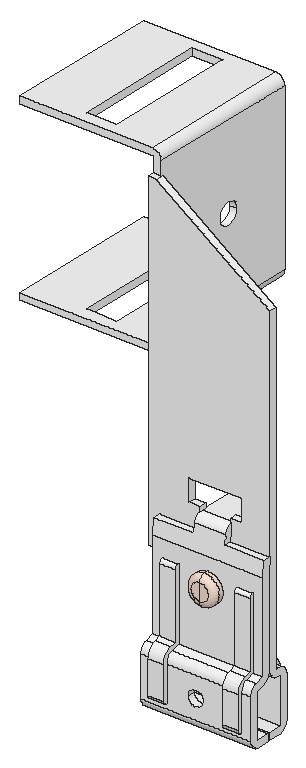
Revit family "cthanger_h58_left", category 機械設備, Revit 2022
Family settings
  丸型コネクタ寸法 = 直径を使用
  種別 = なし
  パーツ タイプ = 標準
  作業面ベース = いいえ
  常に垂直 = はい
  ロード時にボイドで切り取り = いいえ
  注釈の向きを維持 = いいえ
  共有 = いいえ
  部屋計算ポイント = いいえ
Parameters
  製造元 = "株式会社桐井製作所"
  既定の高さ = 0 mm
  URL = "https://www.kirii.co.jp/"
  K_材質 = "溶融亜鉛めっき鋼板及び鋼帯 SGCC 一般用"
  K_品名 = "CTハンガーH＝58アキ左"
  K_名称 = "CTハンガー"
  K_入数 = "120"
  K_備考 = "対象Tバー：eT4025、eAT4025"
  K_バージョン情報 = "20220915"
  K_めっき付着量 = "Z12"
  K_JIS規格 = "JIS G 3302"
Reference planes
  plane 1 "中心(正面/背面)": y = 0
  plane 2: z = 0
  plane 3 "中心(左/右)": x = 0
Forms (mm)
  Extrusion 1, void
    sketch origin (0, -1.2, 0) x (-1, 0, 0) y (0, 0, 1)
      loop
        line (-6, 31.356) -> (-6, 26.343) -> (-3.5, 26.343) -> (-3.5, 21.356) -> (3.5, 21.356) -> (3.5, 26.343) -> (6, 26.343) -> (6, 31.356) -> (-6, 31.356)
    from 1.2 to 2.8
  Extrusion 2, void
    sketch origin (0, 0.4, 0) x (1, 0, 0) y (0, 0, 1)
      loop
        line (-13.5, 14.356) -> (-15.1, 14.356) -> (-15.1, -15.644) -> (-12.5, -15.644) -> (-12.5, 13.356)
        arc (-12.5, 13.356) -> (-12.793, 14.063) -> (-13.5, 14.356) r 1
    from -4.2 to 5.8
  Extrusion 3, solid, material "05吊り材"
    sketch origin (0, 1.2, 0) x (0, 1, 0) y (0, 0, -1)
      loop
        line (1.8, 3.544) -> (0.8, 3.544)
        arc (0.8, 3.544) -> (-0.614, 2.958) -> (-1.2, 1.544) r 2
        line (-1.2, 1.544) -> (-1.2, -89.483) -> (0.4, -89.483) -> (0.4, -11.856) -> (0.4, 1.944) -> (1.4, 1.944)
        arc (1.4, 1.944) -> (2.814, 2.53) -> (3.4, 3.944) r 2
        line (3.4, 3.944) -> (3.4, 13.644)
        arc (3.4, 13.644) -> (2.814, 15.058) -> (1.4, 15.644) r 2
        line (1.4, 15.644) -> (-1.2, 15.644) -> (-1.2, 14.044) -> (1.8, 14.044) -> (1.8, 3.544)
    from -12.5 to 15.1
  Extrusion 4, solid, material "05吊り材"
    sketch origin (16, 1.2, 0) x (0, 1, 0) y (0, 0, -1)
      loop
        line (1.3, -12.456) -> (1.3, 1.087) -> (2.095, 1.087)
        arc (2.095, 1.087) -> (3.685, 2.14) -> (4.3, 3.944) r 2.953
        line (4.3, 3.944) -> (4.3, 11.744)
        arc (4.3, 11.744) -> (4.036, 12.38) -> (3.4, 12.644) r 0.9
        line (3.4, 12.644) -> (3.4, 3.944)
        arc (3.4, 3.944) -> (2.814, 2.53) -> (1.4, 1.944) r 2
        line (1.4, 1.944) -> (0.4, 1.944) -> (0.4, -13.356)
        arc (0.4, -13.356) -> (1.036, -13.093) -> (1.3, -12.456) r 0.9
      loop
        line (-4, 1.245) -> (-4, -13.556)
        arc (-4, -13.556) -> (-3.766, -14.122) -> (-3.2, -14.356) r 0.8
        line (-3.2, -14.356) -> (-3.2, 1.844) -> (-5.093, 2.4)
        arc (-5.093, 2.4) -> (-6.181, 3.157) -> (-6.6, 4.415) r 2.1
        line (-6.6, 4.415) -> (-6.6, 12.644)
        arc (-6.6, 12.644) -> (-7.166, 12.409) -> (-7.4, 11.844) r 0.8
        line (-7.4, 11.844) -> (-7.4, 4.415)
        arc (-7.4, 4.415) -> (-6.822, 2.678) -> (-5.318, 1.633) r 2.9
        line (-5.318, 1.633) -> (-4, 1.245)
    from 5.75 to 9.25
  Extrusion 5, void
    sketch origin (0, -42.1, 50.967) x (1, 0, 0) y (0, 0, -1)
      loop
        line (-3.5, 25.623) -> (-3.5, 29.342) -> (-12.5, 29.342) -> (-12.5, 25.623) -> (-3.5, 25.623)
      loop
        line (12.5, 25.623) -> (12.5, 29.342) -> (3.5, 29.342) -> (3.5, 25.623) -> (12.5, 25.623)
    from 40.1 to 51.2
  Extrusion 6, solid, material "05吊り材"
    sketch origin (0, 1.2, 0) x (0, 1, 0) y (0, 0, -1)
      loop
        line (-5, 4.041) -> (-5, 14.044) -> (-2, 14.044) -> (-2, 15.644) -> (-4.5, 15.644)
        arc (-4.5, 15.644) -> (-5.985, 15.029) -> (-6.6, 13.544) r 2.1
        line (-6.6, 13.544) -> (-6.6, 4.415)
        arc (-6.6, 4.415) -> (-6.181, 3.157) -> (-5.093, 2.4) r 2.1
        line (-5.093, 2.4) -> (-3.2, 1.844) -> (-3.2, -18.356) -> (-2.659, -23.655)
        arc (-2.659, -23.655) -> (-1.932, -24.867) -> (-0.6, -25.343) r 2.1
        line (-0.6, -25.343) -> (7.9, -25.343) -> (7.9, -23.756) -> (-0.6, -23.756)
        arc (-0.6, -23.756) -> (-0.954, -23.61) -> (-1.1, -23.256) r 0.5
        line (-1.1, -23.256) -> (-1.6, -18.356) -> (-1.6, 1.47)
        arc (-1.6, 1.47) -> (-2.019, 2.728) -> (-3.107, 3.484) r 2.1
        line (-3.107, 3.484) -> (-5, 4.041)
    from -12.5 to 12.5
  Extrusion 7, solid, material "05吊り材"
    sketch origin (-1, 1.2, 0) x (0, 1, 0) y (0, 0, -1)
      loop
        line (1.3, -12.456) -> (1.3, 1.087) -> (2.095, 1.087)
        arc (2.095, 1.087) -> (3.685, 2.14) -> (4.3, 3.944) r 2.953
        line (4.3, 3.944) -> (4.3, 11.744)
        arc (4.3, 11.744) -> (4.036, 12.38) -> (3.4, 12.644) r 0.9
        line (3.4, 12.644) -> (3.4, 3.944)
        arc (3.4, 3.944) -> (2.814, 2.53) -> (1.4, 1.944) r 2
        line (1.4, 1.944) -> (0.4, 1.944) -> (0.4, -13.356)
        arc (0.4, -13.356) -> (1.036, -13.093) -> (1.3, -12.456) r 0.9
      loop
        line (-4, 1.245) -> (-4, -13.556)
        arc (-4, -13.556) -> (-3.766, -14.122) -> (-3.2, -14.356) r 0.8
        line (-3.2, -14.356) -> (-3.2, 1.844) -> (-5.093, 2.4)
        arc (-5.093, 2.4) -> (-6.181, 3.157) -> (-6.6, 4.415) r 2.1
        line (-6.6, 4.415) -> (-6.6, 12.644)
        arc (-6.6, 12.644) -> (-7.166, 12.409) -> (-7.4, 11.844) r 0.8
        line (-7.4, 11.844) -> (-7.4, 4.415)
        arc (-7.4, 4.415) -> (-6.822, 2.678) -> (-5.318, 1.633) r 2.9
        line (-5.318, 1.633) -> (-4, 1.245)
    from 5.75 to 9.25
  Extrusion 8, solid, material "05吊り材"
    sketch origin (16, 1.2, 0) x (0, 1, 0) y (0, 0, -1)
      loop
        line (1.3, -12.456) -> (1.3, 1.087) -> (2.095, 1.087)
        arc (2.095, 1.087) -> (3.685, 2.14) -> (4.3, 3.944) r 2.953
        line (4.3, 3.944) -> (4.3, 11.744)
        arc (4.3, 11.744) -> (4.036, 12.38) -> (3.4, 12.644) r 0.9
        line (3.4, 12.644) -> (3.4, 3.944)
        arc (3.4, 3.944) -> (2.814, 2.53) -> (1.4, 1.944) r 2
        line (1.4, 1.944) -> (0.4, 1.944) -> (0.4, -13.356)
        arc (0.4, -13.356) -> (1.036, -13.093) -> (1.3, -12.456) r 0.9
      loop
        line (-4, 1.245) -> (-4, -13.556)
        arc (-4, -13.556) -> (-3.766, -14.122) -> (-3.2, -14.356) r 0.8
        line (-3.2, -14.356) -> (-3.2, 1.844) -> (-5.093, 2.4)
        arc (-5.093, 2.4) -> (-6.181, 3.157) -> (-6.6, 4.415) r 2.1
        line (-6.6, 4.415) -> (-6.6, 12.644)
        arc (-6.6, 12.644) -> (-7.166, 12.409) -> (-7.4, 11.844) r 0.8
        line (-7.4, 11.844) -> (-7.4, 4.415)
        arc (-7.4, 4.415) -> (-6.822, 2.678) -> (-5.318, 1.633) r 2.9
        line (-5.318, 1.633) -> (-4, 1.245)
    from 5.75 to 9.25
  Extrusion 9, void
    sketch origin (0.011, -1.2, 5.294) x (-1, 0, 0) y (0, 0, 1)
      loop
        circle (0.019, 6.684) r 2.5
    from -0.8 to 2.8
  Extrusion 10, solid, material "アルミニウム"
    sketch origin (0, 1.2, 5.534) x (-1, 0, 0) y (0, 0, -1)
      loop
        circle (0, -6.436) r 4.1
      loop
        circle (0, -6.436) r 2.499
    from -1.8 to 0
  Extrusion 11, solid, material "05吊り材"
    sketch origin (0, 0, 0) x (0, 1, 0) y (0, 0, 1)
      loop
        line (10.839, 55.07) -> (0, 55.07) -> (0, 14.356) -> (4.377, 14.356) -> (10.839, 55.07)
    from -15.1 to -13.5
  Extrusion 12, void
    sketch origin (0, 4.5, 38.026) x (1, 0, 0) y (0, 0, 1)
      loop
        line (-13.196, 51.456) -> (12.5, 33.667) -> (12.5, 51.456) -> (-13.196, 51.456)
    from 2.9 to 4.5
  Extrusion 13, void
    sketch origin (0, 34.977, 17.9) x (1, 0, 0) y (0, 1, 0)
      loop
        line (-32.5, -0.9) -> (-32.5, -30.9) -> (-25.5, -30.9) -> (-25.5, -0.9) -> (-32.5, -0.9)
    from 74.983 to 76.583
  Extrusion 14, void
    sketch origin (0, 34.977, -22.1) x (1, 0, 0) y (0, 1, 0)
      loop
        line (-32.5, -0.9) -> (-32.5, -30.9) -> (-25.5, -30.9) -> (-25.5, -0.9) -> (-32.5, -0.9)
    from 75.023 to 76.583
  Extrusion 15, solid, material "05吊り材"
    sketch origin (0, 36.539, 38.026) x (1, 0, 0) y (0, 0, 1)
      loop
        line (-45.5, 56.456) -> (-45.5, 54.856) -> (-15.1, 54.856) -> (-15.1, 16.456) -> (-45.5, 16.456) -> (-45.5, 14.856) -> (-15.5, 14.856)
        arc (-15.5, 14.856) -> (-14.086, 15.442) -> (-13.5, 16.856) r 2
        line (-13.5, 16.856) -> (-13.5, 54.456)
        arc (-13.5, 54.456) -> (-14.086, 55.87) -> (-15.5, 56.456) r 2
        line (-15.5, 56.456) -> (-45.5, 56.456)
    from 0 to 35
  Extrusion 16, void
    sketch origin (0, 38.102, 37.9) x (0, 1, 0) y (0, 0, 1)
      loop
        circle (-17.5, 35.456) r 2.5
    from -15.1 to -13.5
  Extrusion 17, void
    sketch origin (0, 0, 0) x (1, 0, 0) y (0, 0, 1)
      loop
        circle (0, -9.144) r 1.75
    from 3.8 to 5.4
  Extrusion 18, void
    sketch origin (0, 8.4, 0) x (1, 0, 0) y (0, 0, 1)
      loop
        circle (0, -9.144) r 1.75
    from 3.8 to 5.4
Cuts and joins
  Extrusion 5, Extrusion 9, Extrusion 17, Extrusion 18 cuts Extrusion 6
  Extrusion 1, Extrusion 2, Extrusion 9, Extrusion 12, Extrusion 18 cuts Extrusion 3
  Extrusion 12 cuts Extrusion 11
  joined: Extrusion 3, Extrusion 11
  Extrusion 13, Extrusion 14, Extrusion 16 cuts Extrusion 15
Dimensions and locks
  aligned and locked: level to plane 2
Nested families
  nested 1: "直吊りハンガー用ビス" at (-0.011, -2, 11.936) x (-1, 0, 0) z (0, 0, 1), type "直吊りハンガー用ビス"
Definition of nested family "直吊りハンガー用ビス"
  Parameters (values of type "直吊りハンガー用ビス")
    Manufacturer = "株式会社桐井製作所"
    Default Elevation = 0 mm
    URL = "https://www.kirii.co.jp/"
    K_名称 = "M6×25ボルト"
  Reference planes
    plane 1 "中心(正面/背面)": y = 0
    plane 2: z = 0
    plane 3 "中心(左/右)": x = 0
    plane 4 "正面": y = -5
  Forms (mm)
    Extrusion 1, solid
      sketch origin (0, 0, 0.234) x (1, 0, 0) y (0, 0, 1)
        loop
          circle (-0.011, -0.2) r 2.5
      from 0 to -5
    Revolve 2, solid
      sketch origin (0, 0, 0) x (0, 1, 0) y (0, 0, 1)
        loop
          line (0, 0) -> (-2.299, 0) -> (-2.299, -1.966)
          arc (-2.299, -1.966) -> (-1.904, -2.921) -> (-0.949, -3.316) r 1.35
          line (-0.949, -3.316) -> (0, -3.316) -> (0, 0)
        axis (0, 0) -> (-2.299, 0)
      angle from 0 to 360
  Cuts and joins
    joined: Extrusion 1, Revolve 2
  Dimensions and locks
    aligned and locked: level to plane 2
